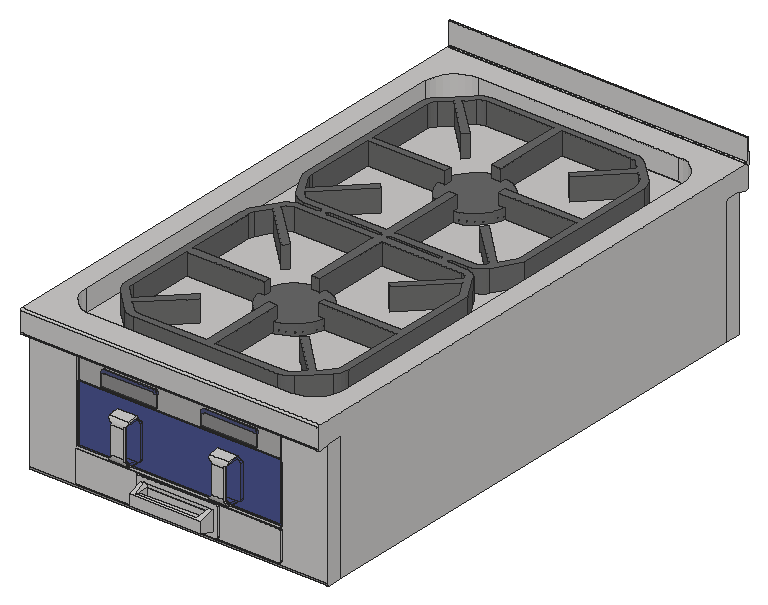
Revit family "QF_ELECTROLUXPROFESSIONAL_593311_MCGHACJOVO", category Specialty Equipment, Revit 2018
Family settings
  Round Connector Dimension = Use Diameter
  Part Type = Normal
  Work Plane-Based = No
  Always vertical = Yes
  Cut with Voids When Loaded = No
  Shared = No
  Room Calculation Point = No
Parameters (values of type "Standard")
  Weight = 82.00 kg
  Watts = 0 W
  Volts = 0 V
  URL Manufacturer = "http://professional.electrolux.com"
  URL = "http://professional.electrolux.com"
  Steam Supply Size = 0"
  Steam Supply Minimum Pressure = 0.00 psi
  Steam Supply Maximum Pressure = 0.00 psi
  Steam Pounds per Hour = 0
  Show Clearance [instance] = yes
  Refrigeration Suction Line Size = 0 mm
  Refrigeration Liquid Line Size = 0 mm
  Refrigerant Compressor Remote = yes
  Phase = 0
  Model = "MCGHACJOVO"
  Manufacturer = "Electrolux Professional"
  Length Actual = 1000 mm  # constant formula
  Item Number = "593311"
  Hot Water Size = 0"
  Height Actual = 250 mm  # constant formula
  HP = "0 HP"
  Gas Size = 1/2"
  Gas KW = 34
  Gas Input Pressure = 3.27142 Btu/h
  Direct Waste Size = 0"
  Description = "GAS TOP,4B,TOWNGAS,2S,1000X900X250H"
  Depth Actual = 900 mm  # constant formula
  Cycle = 0 Hz
  Condensate Return Size = 0"
  Compressed Air Volume = 0 GPM
  Compressed Air Size = 0"
  Compressed Air Pressure = 0.00 psi
  Cold Water Size = 0"
  Back Panel [instance] = yes
  Accessory = yes
Reference planes
  plane 1 "BACK": y = 0
  plane 2: z = 0
  plane 3 "LEFT": x = 0
  plane 4 "RIGHT": x = 500
  plane 5 "FRONT": y = -900
  plane 6 "TOP": z = 250
  plane 7: x = 250
  plane 8: y = -450
  plane 9: z = 370
  plane 10: x = 465
  plane 11: y = -60.425
  plane 12: y = -1330
Forms (mm)
  Extrusion 1, solid, material "QF_Finishes_Stainless Steel"
    sketch origin (0, -487.128, 0) x (0, 1, 0) y (0, 0, 1)
      loop
        line (483.128, 250) -> (-408.872, 250)
        arc (-408.872, 250) -> (-411.7, 248.828) -> (-412.872, 246) r 4
        line (-412.872, 246) -> (-412.872, 214)
        arc (-412.872, 214) -> (-411.437, 210.931) -> (-408.161, 210.064) r 4
        line (-408.161, 210.064) -> (-392.872, 213) -> (-367.872, 213) -> (-367.872, 0) -> (441.714, 0) -> (441.714, 213) -> (465.765, 213) -> (482.433, 210.061)
        arc (482.433, 210.061) -> (485.699, 210.936) -> (487.128, 214) r 4
        line (487.128, 214) -> (487.128, 246)
        arc (487.128, 246) -> (485.956, 248.828) -> (483.128, 250) r 4
    from 0 to 500
  Extrusion 2, solid, material "QF_Finishes_Stainless Steel", visible <- "Back Panel"
    sketch origin (0, 0.586, 0) x (0, 1, 0) y (0, 0, 1)
      loop
        line (-46, 0) -> (-21, 0) -> (-21, 212.833) -> (-21.949, 213) -> (-46, 213) -> (-46, 0)
    from 0 to 500
  Extrusion 3, void
    sketch origin (653.786, 44.048, 250) x (1, 0, 0) y (0, -1, 0)
      loop
        line (-570.234, 89.462) -> (-235.321, 89.462)
        arc (-235.321, 89.462) -> (-200.694, 103.805) -> (-186.351, 138.432) r 48.97
        line (-186.351, 138.432) -> (-186.351, 850.078)
        arc (-186.351, 850.078) -> (-200.694, 884.705) -> (-235.321, 899.048) r 48.97
        line (-235.321, 899.048) -> (-570.234, 899.048)
        arc (-570.234, 899.048) -> (-605.59, 884.403) -> (-620.234, 849.048) r 50
        line (-620.234, 849.048) -> (-620.234, 139.462)
        arc (-620.234, 139.462) -> (-605.59, 104.107) -> (-570.234, 89.462) r 50
    from 0 to 37
  Extrusion 4, solid, material "QF_Finishes_Stainless Steel"
    sketch origin (10, -759, 0) x (1, 0, 0) y (0, -1, 0)
      loop
        circle (455, -169) r 6.35
    from 0 to 3.2
  Extrusion 5, solid, material "QF_Door-Drawer Clearances", visible <- "Show Clearance", detail levels coarse
    sketch origin (-178.969, -4572, 0) x (-1, 0, 0) y (0, -1, 0)
      loop
        line (-257.364, -3689.407) -> (-257.364, -3242) -> (-601.364, -3242) -> (-601.364, -3689.407) -> (-257.364, -3689.407)
    from 8.012 to 59.392
  Extrusion 6, solid, material "QF_Finishes_Stainless Steel"
    sketch origin (0, -950.048, 0) x (0, -1, 0) y (0, 0, -1)
      loop
        arc (-948.097, -252.006) -> (-947.511, -250.592) -> (-946.097, -250.006) r 2
        arc (-946.097, -250.006) -> (-948.877, -248.828) -> (-950.048, -246) r 4
        line (-950.048, -246) -> (-950.048, -288.006) -> (-948.097, -288.006) -> (-948.097, -252.006)
    from 0 to 500
Cuts and joins
  Extrusion 3 cuts Extrusion 1
Lines and regions (mm)
  symbolic lines
    curve 1: line (0, 0, 0) -> (500, 0, 0)
    curve 2: line (0, -900, 0) -> (0, 0, 0)
    curve 3: line (500, -900, 0) -> (0, -900, 0)
    curve 4: line (500, 0, 0) -> (500, -900, 0)
    curve 5: arc (83.552, -855, 0) -> (48.197, -840.355, 0) -> (33.552, -805, 0) r 50
    curve 6: line (33.552, -805, 0) -> (33.552, -95.414, 0)
    curve 7: arc (33.552, -95.414, 0) -> (48.197, -60.059, 0) -> (83.552, -45.414, 0) r 50
    curve 8: line (83.552, -45.414, 0) -> (418.465, -45.414, 0)
    curve 9: arc (418.465, -45.414, 0) -> (453.092, -59.757, 0) -> (467.435, -94.384, 0) r 48.97
    curve 10: line (467.435, -94.384, 0) -> (467.435, -806.03, 0)
    curve 11: arc (467.435, -806.03, 0) -> (453.092, -840.657, 0) -> (418.465, -855, 0) r 48.97
    curve 12: line (418.465, -855, 0) -> (83.552, -855, 0)
  symbolic lines, style "QF_Door-Drawer Clearances"
    curve 13: line (78.395, -900, 0) -> (78.395, -1330, 0)
    curve 14: line (78.395, -1330, 0) -> (422.395, -1330, 0)
    curve 15: line (422.395, -1330, 0) -> (422.395, -900, 0)
Dimensions and locks
  plane 3 "LEFT" to plane 4 "RIGHT" = 500 mm
  plane 5 "FRONT" to plane 1 "BACK" = 900 mm
  equal spacing: plane 3 "LEFT", plane 7, plane 4 "RIGHT"
  equal spacing: plane 5 "FRONT", plane 8, plane 1 "BACK"
  plane 6 "TOP" to level = 250 mm  (x2)
  plane 1 "BACK" to plane 5 "FRONT" = 900 mm
  Extrusion 4 sketch curve to plane 1 "BACK" = 590 mm
  Extrusion 4 sketch curve to plane 4 "RIGHT" = 35 mm
  plane 1 "BACK" to Extrusion 4 = 590 mm
  plane 10 to plane 4 "RIGHT" = 35 mm
  plane 5 "FRONT" to plane 12 = 430 mm
  aligned and locked: level to plane 2
  aligned and locked: plane 7 to nested 1
  aligned and locked: Extrusion 1 to plane 4 "RIGHT"
Automatic sketch dimensions
  Extrusion 1 sketch curve to plane 5 "FRONT" = 0 mm
  Extrusion 1 sketch curve to plane 6 "TOP" = 0 mm
  Extrusion 1 sketch curve to level = 0 mm
  Extrusion 1 sketch curve to plane 1 "BACK" = 0 mm
  Extrusion 1 sketch curve to plane 6 "TOP" = 37 mm  (x2)
  Extrusion 1 sketch curve to plane 5 "FRONT" = 4 mm
  Extrusion 1 sketch curve to plane 5 "FRONT" = 20 mm
  Extrusion 1 sketch curve to plane 5 "FRONT" = 45 mm
  plane 1 "BACK" to Extrusion 1 sketch curve = 21.363 mm
  plane 1 "BACK" to Extrusion 1 sketch curve = 4 mm  (x2)
  Extrusion 1 sketch curve to Extrusion 1 sketch curve = 4 mm
  Extrusion 1 sketch curve to Extrusion 1 sketch curve = 0.711 mm
  plane 1 "BACK" to Extrusion 1 sketch curve = 4.695 mm
  Extrusion 1 sketch curve to Extrusion 1 sketch curve = 0 mm  (x2)
  Extrusion 1 sketch curve to Extrusion 1 sketch curve = 1 mm  (x2)
  plane 1 "BACK" to Extrusion 1 sketch curve = 45.414 mm
  plane 1 "BACK" to curve 1 = 0 mm
  curve 1 to plane 4 "RIGHT" = 0 mm
  curve 2 to plane 3 "LEFT" = 0 mm
  plane 5 "FRONT" to curve 2 = 0 mm
  Extrusion 3 sketch curve to Extrusion 3 sketch curve = 50 mm  (x2)
  Extrusion 1 to Extrusion 3 sketch curve = 81.535 mm  (x2)
  Extrusion 1 to Extrusion 3 sketch curve = 41 mm
  Extrusion 1 to Extrusion 3 sketch curve = 32.565 mm
  Extrusion 1 to Extrusion 3 sketch curve = 33.552 mm
  Extrusion 1 to Extrusion 3 sketch curve = 91.414 mm
  Extrusion 2 sketch curve to level = 0 mm
  plane 11 to Extrusion 2 sketch curve = 15.012 mm
  Extrusion 2 sketch curve to plane 6 "TOP" = 37.167 mm
  Extrusion 2 sketch curve to Extrusion 2 sketch curve = 0.949 mm
  plane 1 "BACK" to Extrusion 2 sketch curve = 20.414 mm
  Extrusion 2 sketch curve to plane 6 "TOP" = 37 mm
  curve 10 to plane 10 = 2.435 mm
  plane 11 to curve 8 = 15.012 mm
  plane 10 to curve 8 = 46.535 mm
  plane 3 "LEFT" to curve 8 = 83.552 mm
  plane 3 "LEFT" to curve 6 = 33.552 mm
  curve 6 to plane 5 "FRONT" = 95 mm
  plane 10 to curve 12 = 46.535 mm
  curve 10 to plane 5 "FRONT" = 93.97 mm
  Extrusion 5 sketch curve to plane 5 "FRONT" = 17.407 mm
  plane 7 to Extrusion 5 sketch curve = 172.395 mm
  plane 3 "LEFT" to Extrusion 5 sketch curve = 78.395 mm
  plane 5 "FRONT" to Extrusion 5 sketch curve = 430 mm
  curve 13 to plane 12 = 0 mm
  plane 3 "LEFT" to curve 13 = 78.395 mm
  plane 10 to curve 14 = 42.605 mm
  curve 13 to plane 5 "FRONT" = 0 mm
  curve 15 to plane 5 "FRONT" = 0 mm
  Extrusion 6 sketch curve to plane 1 "BACK" = 0 mm  (x2)
  Extrusion 6 sketch curve to plane 6 "TOP" = 2.006 mm
  Extrusion 6 sketch curve to plane 6 "TOP" = 0 mm
  Extrusion 6 sketch curve to Extrusion 6 sketch curve = 1.951 mm
  Extrusion 6 sketch curve to Extrusion 6 sketch curve = 2 mm
  Extrusion 6 sketch curve to Extrusion 6 sketch curve = 0.049 mm
  Extrusion 6 sketch curve to Extrusion 6 sketch curve = 36 mm
  Extrusion 6 sketch curve to Extrusion 6 sketch curve = 0 mm
  radius of Extrusion 4 sketch curve = 6.35 mm
Nested families
  nested 1: "EG_900_500_Double Range Control Handle Front Panel" at (202.376, -855, -650), type "EG_900_500_Double Range Control Handle Front Panel"
  nested 2: "OBT_900_Open Burner" at (250, -450.207, -649.319), type "OBT_900_Open Burner"
Connectors
  piping at (465, -590, -3.2), diameter 12.8
    settings: on Extrusion 4, index 1, connector inside diameter 0.50394", connector length 0 mm, flow factor 0, pipe flow 0 GPM, pressure drop 0.00 psi, fitting loss kfactor 0, connector angle 0.00°, fixture units 0, engagement length 0 mm, angle of deflection 0.00°, flow configuration 1, flow direction 1, fitting loss method 0, system type 7, joint type 0, gender type 0, connector reference index -1, connector utility 0, adjustable connector no, is connector primary yes, connector description "GAS CONNECTION"
Definition of nested family "EG_900_500_Double Range Control Handle Front Panel"
  Reference planes
    plane 1 "Center (Front/Back)": y = 0
    plane 2: z = 0
    plane 3 "Center (Left/Right)": x = 47.624
    plane 4: x = -202.376
    plane 5: x = 297.624
    plane 6: y = -45
  Forms (mm)
    Extrusion 1, solid
      sketch origin (833.217, 829.203, -1.25) x (0, 1, 0) y (0, 0, 1)
        loop
          arc (-854.203, 654.25) -> (-853.324, 652.129) -> (-851.203, 651.25) r 3
          line (-851.203, 651.25) -> (-829.203, 651.25) -> (-829.203, 864.25) -> (-854.203, 864.25) -> (-854.203, 654.25)
      from -1035.593 to -535.593
    Extrusion 2, void
      sketch origin (33.217, 829.203, -1.25) x (1, 0, 0) y (0, 0, 1)
        loop
          line (-157.593, 855.116) -> (-157.593, 713.116) -> (186.407, 713.116) -> (186.407, 855.116) -> (-157.593, 855.116)
      from 848.59 to 854.203
  Cuts and joins
    Extrusion 2 cuts Extrusion 1
  Dimensions and locks
    equal spacing: plane 5, plane 3 "Center (Left/Right)", plane 4
    plane 5 to plane 4 = 500 mm
    equal spacing: nested 3, nested 2, nested 1
    aligned and locked: cut or joined group of Extrusion 1, Extrusion 2 to plane 4
    aligned and locked: plane 5 to cut or joined group of Extrusion 1, Extrusion 2
    aligned and locked: plane 3 "Center (Left/Right)" to nested 2
    aligned and locked: cut or joined group of Extrusion 1, Extrusion 2 to nested 2
  Automatic sketch dimensions
    Extrusion 1 sketch curve to plane 1 "Center (Front/Back)" = 0 mm
    plane 1 "Center (Front/Back)" to Extrusion 1 sketch curve = 22 mm
    Extrusion 1 sketch curve to Extrusion 1 sketch curve = 3 mm
    level to Extrusion 1 sketch curve = 650 mm
    Extrusion 1 sketch curve to Extrusion 1 sketch curve = 210 mm
    plane 4 to Extrusion 2 sketch curve = 78 mm
    Extrusion 2 sketch curve to plane 5 = 78 mm
    level to Extrusion 2 sketch curve = 711.866 mm
    Extrusion 2 sketch curve to Extrusion 2 sketch curve = 142 mm
  Nested families
    nested 1: "Range Control Handle" at (-36.126, -28.137, -209.113) x (-1, 0, 0) z (0, 0, 1), type "Range Control Handle"
    nested 2: "glass conrol panel" at (47.624, 280.644, 2.752), type "glass conrol panel"
    nested 3: "Range Control Handle" at (131.374, -28.137, -209.113), type "Range Control Handle"
    nested 4: "grease trap door" at (-19.975, -25, 0), type "grease trap door"
  Definition of nested family "Range Control Handle"
    Reference planes
      plane 1 "Center (Front/Back)": y = 0
      plane 2: z = 0
      plane 3 "Center (Left/Right)": x = 0
      plane 4: z = 971.092
      plane 5: y = -16.9
    Forms (mm)
      Extrusion 1, solid
        sketch origin (-746.28, 380.497, 208.931) x (-1, 0, 0) y (0, 0, 1)
          loop
            line (-770.101, 786.798) -> (-770.101, 731.649)
            arc (-770.101, 731.649) -> (-769.759, 730.563) -> (-768.855, 729.87) r 1.893
            line (-768.855, 729.87) -> (-763.474, 727.911) -> (-729.81, 727.911) -> (-724.428, 729.87)
            arc (-724.428, 729.87) -> (-723.525, 730.563) -> (-723.183, 731.649) r 1.893
            line (-723.183, 731.649) -> (-723.183, 786.798)
            arc (-723.183, 786.798) -> (-723.529, 787.894) -> (-724.44, 788.593) r 1.91
            line (-724.44, 788.593) -> (-729.683, 790.819) -> (-763.601, 790.819) -> (-768.844, 788.593)
            arc (-768.844, 788.593) -> (-769.755, 787.894) -> (-770.101, 786.798) r 1.91
        from -382.35 to -378.852
      Sweep 2, solid
        path origin (-746.788, 380.496, 208.091) x (0, -1, 0) y (0, 0, 1)
          loop
            line (379.775, 793.281) -> (395.661, 791.048)
            arc (395.661, 791.048) -> (397.781, 787.377) -> (398.517, 783.202) r 12.207
            line (398.517, 783.202) -> (398.517, 737.368)
            arc (398.517, 737.368) -> (397.781, 733.193) -> (395.661, 729.522) r 12.207
            line (395.661, 729.522) -> (379.775, 727.289)
        profile origin (-746.788, -7.222, 1000.256) x (0, -0.139173, 0.990268) y (-1, 0, 0)
          loop
            line (0.782, -763.123) -> (0.782, -730.907) -> (-1.322, -730.907) -> (-1.322, -763.123) -> (0.782, -763.123)
      Sweep 3, solid
        path origin (-746.788, 380.715, 207.832) x (0, -1, 0) y (0, 0, 1)
          loop
            line (380.478, 795.442) -> (397.218, 793.09)
            arc (397.218, 793.09) -> (399.929, 788.473) -> (400.871, 783.202) r 15.207
            line (400.871, 783.202) -> (400.871, 737.584)
            arc (400.871, 737.584) -> (399.914, 732.274) -> (397.164, 727.633) r 15.207
            line (397.164, 727.633) -> (380.601, 725.305)
        profile origin (-746.788, -8.132, 1002.099) x (0, -0.139173, 0.990268) y (-1, 0, 0)
          loop
            line (0.782, -763.123) -> (0.782, -730.907) -> (-1.322, -730.907) -> (-1.322, -763.123) -> (0.782, -763.123)
      Extrusion 4, void
        sketch origin (889.253, 220.666, 207.993) x (1, 0, 0) y (0, 0, 1)
          loop
            line (-943.038, 816.854) -> (-943.038, 703.686) -> (-899.466, 734.196) -> (-899.466, 786.344) -> (-943.038, 816.854)
        from 230.636 to 242.25
      Extrusion 5, void
        sketch origin (-888.8, 220.666, 207.993) x (-1, 0, 0) y (0, 0, -1)
          loop
            line (-943.038, -816.854) -> (-899.466, -786.344) -> (-899.466, -734.196) -> (-943.038, -703.686) -> (-943.038, -816.854)
        from 230.636 to 242.25
      Extrusion 6, solid
        sketch origin (0, 0, 0) x (1, 0, 0) y (0, 0, 1)
          loop
            circle (0, 971.092) r 7.736
        from -3.137 to -1.645
    Cuts and joins
      Extrusion 4, Extrusion 5 cuts Sweep 3
      Extrusion 4, Extrusion 5 cuts Sweep 2
      joined: Extrusion 1, Extrusion 6
    Lines and regions (mm)
      symbolic lines
        curve 1: line (16.334, -16.9, 0) -> (16.334, -19.227, 0)
        curve 2: spline (16.334, -19.227, 0) -> (15.87, -19.385, 0) -> (15.404, -19.536, 0) -> (14.936, -19.678, 0) -> (14.466, -19.813, 0) -> (13.995, -19.94, 0) -> (13.523, -20.059, 0) -> (13.049, -20.171, 0) -> (12.575, -20.274, 0) -> (12.099, -20.37, 0) -> (11.622, -20.458, 0) -> (11.144, -20.537, 0) -> (10.666, -20.609, 0)
        curve 3: line (10.666, -16.9, 0) -> (10.666, -20.938, 0)
        curve 4: line (-10.213, -20.938, 0) -> (10.666, -20.938, 0)
        curve 5: line (-10.213, -20.938, 0) -> (-10.213, -16.9, 0)
        curve 6: spline (-10.213, -20.609, 0) -> (-10.691, -20.537, 0) -> (-11.169, -20.458, 0) -> (-11.646, -20.37, 0) -> (-12.122, -20.274, 0) -> (-12.597, -20.171, 0) -> (-13.07, -20.059, 0) -> (-13.542, -19.94, 0) -> (-14.013, -19.813, 0) -> (-14.483, -19.678, 0) -> (-14.951, -19.536, 0) -> (-15.417, -19.385, 0) -> (-15.881, -19.227, 0)
        curve 7: line (-15.881, -19.227, 0) -> (-15.881, -16.9, 0)
  Definition of nested family "glass conrol panel"
    Reference planes
      plane 1 "Center (Front/Back)": y = 0
      plane 2: z = 0
      plane 3 "Center (Left/Right)": x = 0
    Forms (mm)
      Extrusion 1, solid
        sketch origin (378.286, 0, 0.617) x (1, 0, 0) y (0, 0, 1)
          loop
            line (-550.286, 806.791) -> (-550.286, 708.497) -> (-206.286, 708.497) -> (-206.286, 806.791) -> (-550.286, 806.791)
        from 300.031 to 304.8
      Extrusion 2, solid
        sketch origin (378.286, 0, 0.617) x (1, 0, 0) y (0, 0, 1)
          loop
            line (-550.286, 850.497) -> (-550.286, 806.791) -> (-206.286, 806.791) -> (-206.286, 850.497) -> (-550.286, 850.497)
        from 300.031 to 304.8
      Extrusion 3, void
        sketch origin (378.286, 0, 0.617) x (1, 0, 0) y (0, 0, 1)
          loop
            line (-547.628, 847.565) -> (-547.628, 710.699) -> (-209.196, 710.699) -> (-209.196, 847.565) -> (-547.628, 847.565)
        from 303.697 to 304.8
      Extrusion 4, solid
        sketch origin (-392.059, 1.101, -0.633) x (-1, 0, 0) y (0, 0, -1)
          loop
            line (-261.431, -812.62) -> (-355.186, -812.62) -> (-355.186, -834.177) -> (-350.269, -834.177) -> (-348.469, -835.977) -> (-268.039, -835.977) -> (-266.24, -834.177) -> (-261.431, -834.177) -> (-261.431, -812.62)
        from 304.798 to 306.745
      Extrusion 5, solid
        sketch origin (-392.059, 1.101, -0.633) x (-1, 0, 0) y (0, 0, -1)
          loop
            line (-350.269, -834.177) -> (-355.078, -834.177)
            arc (-355.078, -834.177) -> (-353.942, -838.747) -> (-349.686, -840.763) r 5.5
            line (-349.686, -840.763) -> (-266.98, -840.763)
            arc (-266.98, -840.763) -> (-262.706, -838.752) -> (-261.529, -834.177) r 5.549
            line (-261.529, -834.177) -> (-266.24, -834.177) -> (-268.039, -835.977) -> (-348.469, -835.977) -> (-350.269, -834.177)
        from 304.798 to 306.745
      Extrusion 6, solid
        sketch origin (392.059, 1.101, -0.633) x (1, 0, 0) y (0, 0, 1)
          loop
            line (-261.431, 812.62) -> (-261.431, 834.177) -> (-266.24, 834.177) -> (-268.039, 835.977) -> (-348.469, 835.977) -> (-350.269, 834.177) -> (-355.186, 834.177) -> (-355.186, 812.62) -> (-261.431, 812.62)
        from 304.798 to 306.745
      Extrusion 7, solid
        sketch origin (392.059, 1.101, -0.633) x (1, 0, 0) y (0, 0, 1)
          loop
            line (-350.269, 834.177) -> (-348.469, 835.977) -> (-268.039, 835.977) -> (-266.24, 834.177) -> (-261.529, 834.177)
            arc (-261.529, 834.177) -> (-262.706, 838.752) -> (-266.98, 840.763) r 5.549
            line (-266.98, 840.763) -> (-349.686, 840.763)
            arc (-349.686, 840.763) -> (-353.942, 838.747) -> (-355.078, 834.177) r 5.5
            line (-355.078, 834.177) -> (-350.269, 834.177)
        from 304.798 to 306.745
    Cuts and joins
      Extrusion 3 cuts Extrusion 1
      Extrusion 3 cuts Extrusion 2
    Dimensions and locks
      aligned and locked: Extrusion 1 to Extrusion 2
      aligned and locked: Extrusion 5 sketch curve to Extrusion 4  (x5)
      aligned and locked: Extrusion 5 to Extrusion 4
      aligned and locked: Extrusion 7 sketch curve to Extrusion 6  (x4)
      aligned and locked: Extrusion 6 to Extrusion 7 sketch curve
      aligned and locked: Extrusion 7 to Extrusion 6
  Definition of nested family "grease trap door"
    Reference planes
      plane 1 "Center (Front/Back)": y = 0
      plane 2: z = 0
      plane 3 "Center (Left/Right)": x = 0
      plane 4: y = -20
    Forms (mm)
      Extrusion 1, solid
        sketch origin (1627.55, 854.203, -1.25) x (1, 0, 0) y (0, 0, 1)
          loop
            arc (-1627.55, 661.235) -> (-1626.972, 659.84) -> (-1625.577, 659.262) r 1.973
            line (-1625.577, 659.262) -> (-1494.325, 659.262)
            arc (-1494.325, 659.262) -> (-1492.156, 660.16) -> (-1491.258, 662.329) r 3.067
            line (-1491.258, 662.329) -> (-1491.258, 708.803)
            arc (-1491.258, 708.803) -> (-1492.414, 710.143) -> (-1494.111, 710.642) r 3.133
            line (-1494.111, 710.642) -> (-1625.486, 710.642)
            arc (-1625.486, 710.642) -> (-1626.945, 710.038) -> (-1627.55, 708.579) r 2.063
            line (-1627.55, 708.579) -> (-1627.55, 661.235)
        from 856.795 to 859.203
      Extrusion 2, solid
        sketch origin (445.874, 2476.61, 0) x (0, 1, 0) y (0, 0, 1)
          loop
            line (-2506.377, 675.273) -> (-2481.61, 667.505) -> (-2481.61, 700.995) -> (-2506.377, 693.227) -> (-2506.377, 675.273)
        from -437.68 to -317.68
      Extrusion 3, void
        sketch origin (1627.55, 854.203, -1.25) x (1, 0, 0) y (0, 0, 1)
          loop
            line (-1614.883, 703) -> (-1610.542, 695.433) -> (-1508.17, 695.433) -> (-1503.828, 703) -> (-1614.883, 703)
          loop
            line (-1614.883, 668) -> (-1502.669, 668) -> (-1507.01, 675.567) -> (-1610.542, 675.567) -> (-1614.883, 668)
        from 832.916 to 883.97
      Extrusion 4, void
        sketch origin (447.55, 854.203, -1.25) x (1, 0, 0) y (0, 0, 1)
          loop
            line (-430.542, 695.433) -> (-430.542, 675.567) -> (-328.17, 675.567) -> (-328.17, 695.433) -> (-430.542, 695.433)
        from 859.203 to 874.202
      Extrusion 5, solid
        sketch origin (1627.55, 854.203, -1.25) x (1, 0, 0) y (0, 0, 1)
          loop
            arc (-1731.556, 661.235) -> (-1730.978, 659.84) -> (-1729.583, 659.262) r 1.973
            line (-1729.583, 659.262) -> (-1390.623, 659.262)
            arc (-1390.623, 659.262) -> (-1388.454, 660.16) -> (-1387.556, 662.329) r 3.067
            line (-1387.556, 662.329) -> (-1387.556, 708.803)
            arc (-1387.556, 708.803) -> (-1388.712, 710.143) -> (-1390.409, 710.642) r 3.133
            line (-1390.409, 710.642) -> (-1729.493, 710.642)
            arc (-1729.493, 710.642) -> (-1730.952, 710.038) -> (-1731.556, 708.579) r 2.063
            line (-1731.556, 708.579) -> (-1731.556, 661.235)
        from 854.203 to 856.795
    Cuts and joins
      Extrusion 3 cuts Extrusion 1
      Extrusion 3, Extrusion 4 cuts Extrusion 2
      joined: Extrusion 1, Extrusion 2
    Lines and regions (mm)
      model lines
        curve 1: line (67.599, 0, 658.012) -> (67.599, 0, 709.392)
      symbolic lines
        curve 2: line (8.194, -20, 0) -> (8.194, -29.767, 0)
        curve 3: line (8.194, -29.767, 0) -> (128.194, -29.767, 0)
        curve 4: line (128.194, -29.767, 0) -> (128.194, -20, 0)
    Dimensions and locks
      aligned and locked: Extrusion 2 to Extrusion 1
      aligned and locked: Extrusion 3 to Extrusion 2
      aligned and locked: Extrusion 4 to Extrusion 1
Definition of nested family "OBT_900_Open Burner"
  Reference planes
    plane 1 "Center (Front/Back)": y = 0
    plane 2: z = 0
    plane 3 "Center (Left/Right)": x = 0
    plane 4: x = -186.448
    plane 5: x = 187.435
    plane 6: y = 374.793
    plane 7: y = -374.793
    plane 8: y = -188.326
  Forms (mm)
    Extrusion 1, solid
      sketch origin (2130.573, 56.896, -679.622) x (1, 0, 0) y (0, 1, 0)
        loop
          line (-2137.44, 306.49) -> (-2250.793, 306.49)
          arc (-2250.793, 306.49) -> (-2257.908, 305.075) -> (-2263.94, 301.044) r 18.593
          line (-2263.94, 301.044) -> (-2276.233, 288.751) -> (-2213.48, 225.998) -> (-2221.6, 217.877) -> (-2284.354, 280.631) -> (-2300.33, 264.654)
          arc (-2300.33, 264.654) -> (-2304.433, 258.337) -> (-2305.614, 250.897) r 18.125
          line (-2305.614, 250.897) -> (-2305.614, 138.422) -> (-2175.79, 138.422) -> (-2175.79, 126.938) -> (-2305.614, 126.938) -> (-2305.614, 10.897)
          arc (-2305.614, 10.897) -> (-2304.981, 6.085) -> (-2303.123, 1.601) r 18.593
          line (-2303.123, 1.601) -> (-2290.078, -20.994) -> (-2221.6, 47.483) -> (-2213.48, 39.363) -> (-2284.012, -31.169)
          arc (-2284.012, -31.169) -> (-2278.546, -38.527) -> (-2270.23, -42.379) r 18.593
          line (-2270.23, -42.379) -> (-2137.44, -42.379) -> (-2137.44, 87.464) -> (-2123.707, 87.464) -> (-2123.707, -42.379) -> (-1989.813, -42.379)
          arc (-1989.813, -42.379) -> (-1981.496, -38.527) -> (-1976.031, -31.169) r 18.593
          line (-1976.031, -31.169) -> (-2047.115, 39.915) -> (-2038.994, 48.035) -> (-1969.962, -20.997) -> (-1954.428, 5.916) -> (-1954.428, 126.938) -> (-2085.357, 126.938) -> (-2085.357, 138.422) -> (-1954.428, 138.422) -> (-1954.428, 247.888)
          arc (-1954.428, 247.888) -> (-1956.538, 258.496) -> (-1962.547, 267.489) r 27.72
          line (-1962.547, 267.489) -> (-1975.689, 280.631) -> (-2038.994, 217.325) -> (-2047.115, 225.446) -> (-1983.809, 288.751) -> (-1996.102, 301.044)
          arc (-1996.102, 301.044) -> (-2002.134, 305.075) -> (-2009.25, 306.49) r 18.593
          line (-2009.25, 306.49) -> (-2123.707, 306.49) -> (-2123.707, 177.897) -> (-2137.44, 177.897) -> (-2137.44, 306.49)
        loop
          arc (-2317.021, 10.897) -> (-2315.999, 3.132) -> (-2313.002, -4.103) r 30
          line (-2313.002, -4.103) -> (-2292.795, -39.103)
          arc (-2292.795, -39.103) -> (-2281.814, -50.084) -> (-2266.814, -54.103) r 30
          line (-2266.814, -54.103) -> (-2239.287, -54.103)
          arc (-2239.287, -54.103) -> (-2238.243, -56) -> (-2236.272, -56.896) r 3.438
          arc (-2236.272, -56.896) -> (-2238.243, -57.792) -> (-2239.287, -59.689) r 3.438
          line (-2239.287, -59.689) -> (-2266.814, -59.689)
          arc (-2266.814, -59.689) -> (-2281.814, -63.708) -> (-2292.795, -74.689) r 30
          line (-2292.795, -74.689) -> (-2313.002, -109.689)
          arc (-2313.002, -109.689) -> (-2315.999, -116.924) -> (-2317.021, -124.689) r 30
          line (-2317.021, -124.689) -> (-2317.021, -365.461)
          arc (-2317.021, -365.461) -> (-2314.738, -376.941) -> (-2308.234, -386.674) r 30
          line (-2308.234, -386.674) -> (-2271.975, -422.933)
          arc (-2271.975, -422.933) -> (-2262.253, -429.414) -> (-2250.793, -431.689) r 30
          line (-2250.793, -431.689) -> (-2009.25, -431.689)
          arc (-2009.25, -431.689) -> (-1997.786, -429.412) -> (-1988.062, -422.928) r 30
          line (-1988.062, -422.928) -> (-1951.808, -386.674)
          arc (-1951.808, -386.674) -> (-1945.305, -376.941) -> (-1942.982, -365.461) r 30
          line (-1942.982, -365.461) -> (-1942.982, -116.719) -> (-1967.248, -74.689)
          arc (-1967.248, -74.689) -> (-1978.229, -63.708) -> (-1993.229, -59.689) r 30
          line (-1993.229, -59.689) -> (-2020.319, -59.689)
          arc (-2020.319, -59.689) -> (-2021.979, -57.759) -> (-2024.375, -56.896) r 5
          arc (-2024.375, -56.896) -> (-2021.979, -56.033) -> (-2020.319, -54.103) r 5
          line (-2020.319, -54.103) -> (-1993.229, -54.103)
          arc (-1993.229, -54.103) -> (-1978.229, -50.084) -> (-1967.248, -39.103) r 30
          line (-1967.248, -39.103) -> (-1943.138, 2.656) -> (-1943.138, 254.314)
          arc (-1943.138, 254.314) -> (-1945.839, 264.361) -> (-1951.808, 272.882) r 30
          line (-1951.808, 272.882) -> (-1988.062, 309.136)
          arc (-1988.062, 309.136) -> (-1997.786, 315.62) -> (-2009.25, 317.897) r 30
          line (-2009.25, 317.897) -> (-2250.793, 317.897)
          arc (-2250.793, 317.897) -> (-2262.253, 315.622) -> (-2271.975, 309.141) r 30
          line (-2271.975, 309.141) -> (-2308.234, 272.882)
          arc (-2308.234, 272.882) -> (-2314.738, 263.149) -> (-2317.021, 251.669) r 30
          line (-2317.021, 251.669) -> (-2317.021, 10.897)
        loop
          arc (-2122.397, -54.103) -> (-2124.057, -56.033) -> (-2126.452, -56.896) r 5
          arc (-2126.452, -56.896) -> (-2124.057, -57.759) -> (-2122.397, -59.689) r 5
          line (-2122.397, -59.689) -> (-2035.829, -59.689)
          arc (-2035.829, -59.689) -> (-2034.784, -57.792) -> (-2032.813, -56.896) r 3.438
          arc (-2032.813, -56.896) -> (-2034.784, -56) -> (-2035.829, -54.103) r 3.438
          line (-2035.829, -54.103) -> (-2122.397, -54.103)
        loop
          arc (-2223.778, -54.103) -> (-2225.438, -56.033) -> (-2227.833, -56.896) r 5
          arc (-2227.833, -56.896) -> (-2225.438, -57.759) -> (-2223.778, -59.689) r 5
          line (-2223.778, -59.689) -> (-2137.906, -59.689)
          arc (-2137.906, -59.689) -> (-2136.862, -57.792) -> (-2134.891, -56.896) r 3.438
          arc (-2134.891, -56.896) -> (-2136.862, -56) -> (-2137.906, -54.103) r 3.438
          line (-2137.906, -54.103) -> (-2223.778, -54.103)
        loop
          line (-2137.44, -420.282) -> (-2137.44, -290.439) -> (-2123.707, -290.439) -> (-2123.707, -420.282) -> (-2009.25, -420.282)
          arc (-2009.25, -420.282) -> (-2002.134, -418.867) -> (-1996.102, -414.836) r 18.593
          line (-1996.102, -414.836) -> (-1983.184, -401.918) -> (-2047.115, -337.988) -> (-2038.994, -329.867) -> (-1975.064, -393.798) -> (-1962.547, -381.281)
          arc (-1962.547, -381.281) -> (-1956.538, -372.288) -> (-1954.428, -361.68) r 27.72
          line (-1954.428, -361.68) -> (-1954.428, -250.964) -> (-2085.357, -250.964) -> (-2085.357, -239.48) -> (-1954.428, -239.48) -> (-1954.428, -119.708) -> (-1970.42, -92.003) -> (-2038.994, -160.577) -> (-2047.115, -152.457) -> (-1976.413, -81.755)
          arc (-1976.413, -81.755) -> (-1981.868, -74.971) -> (-1989.813, -71.413) r 18.593
          line (-1989.813, -71.413) -> (-2123.707, -71.413) -> (-2123.707, -200.006) -> (-2137.44, -200.006) -> (-2137.44, -71.413) -> (-2270.23, -71.413)
          arc (-2270.23, -71.413) -> (-2278.175, -74.971) -> (-2283.629, -81.755) r 18.593
          line (-2283.629, -81.755) -> (-2213.48, -151.905) -> (-2221.6, -160.025) -> (-2289.62, -92.005) -> (-2303.123, -115.393)
          arc (-2303.123, -115.393) -> (-2304.981, -119.877) -> (-2305.614, -124.689) r 18.593
          line (-2305.614, -124.689) -> (-2305.614, -239.48) -> (-2175.79, -239.48) -> (-2175.79, -250.964) -> (-2305.614, -250.964) -> (-2305.614, -364.689)
          arc (-2305.614, -364.689) -> (-2304.433, -372.129) -> (-2300.33, -378.446) r 18.125
          line (-2300.33, -378.446) -> (-2284.979, -393.798) -> (-2221.6, -330.419) -> (-2213.48, -338.54) -> (-2276.858, -401.918) -> (-2263.94, -414.836)
          arc (-2263.94, -414.836) -> (-2257.908, -418.867) -> (-2250.793, -420.282) r 18.593
          line (-2250.793, -420.282) -> (-2137.44, -420.282)
      from 1542.072 to 1578.941
    Extrusion 2, solid
      sketch origin (2130.573, 61.122, 0) x (1, 0, 0) y (0, 1, 0)
        loop
          circle (-2130.573, -249.448) r 55
        loop
          circle (-2130.573, 128.455) r 55
      from 862.45 to 879.837
    Extrusion 3, void
      sketch origin (-124.371, -355.785, -22.784) x (-0.587785, -0.809017, 0) y (0, 0, 1)
        loop
          circle (-213.495, 891.283) r 1
      from -67.69 to -35.114
    Extrusion 4, void
      sketch origin (-89.903, -376.417, -22.784) x (-0.422618, -0.906308, 0) y (0, 0, 1)
        loop
          circle (-213.495, 891.283) r 1
      from -74.826 to -35.114
    Extrusion 5, void
      sketch origin (-52.131, -390.093, -22.784) x (-0.241922, -0.970296, 0) y (0, 0, 1)
        loop
          circle (-213.495, 891.283) r 1
      from -67.69 to -35.114
    Extrusion 6, void
      sketch origin (27.702, -394.842, -22.784) x (0.139173, -0.990268, 0) y (0, 0, 1)
        loop
          circle (-213.495, 891.283) r 1
      from -67.69 to -35.114
    Extrusion 7, void
      sketch origin (66.829, -385.74, -22.784) x (0.325568, -0.945519, 0) y (0, 0, 1)
        loop
          circle (-213.495, 891.283) r 1
      from -67.69 to -35.114
    Extrusion 8, void
      sketch origin (103.5, -369.339, -22.784) x (0.5, -0.866025, 0) y (0, 0, 1)
        loop
          circle (-213.495, 891.283) r 1
      from -67.69 to -35.114
    Extrusion 9, void
      sketch origin (136.368, -346.242, -22.784) x (0.656059, -0.75471, 0) y (0, 0, 1)
        loop
          circle (-213.495, 891.283) r 1
      from -67.69 to -35.114
    Extrusion 10, void
      sketch origin (164.225, -317.298, -22.784) x (0.788011, -0.615661, 0) y (0, 0, 1)
        loop
          circle (-213.495, 891.283) r 1
      from -67.69 to -35.114
    Extrusion 11, void
      sketch origin (186.048, -283.571, -22.784) x (0.891007, -0.45399, 0) y (0, 0, 1)
        loop
          circle (-213.495, 891.283) r 1
      from -67.69 to -35.114
    Extrusion 12, void
      sketch origin (201.034, -246.299, -22.784) x (0.961262, -0.275637, 0) y (0, 0, 1)
        loop
          circle (-213.495, 891.283) r 1
      from -67.69 to -35.114
    Extrusion 13, void
      sketch origin (208.566, -166.681, -22.784) x (0.994522, 0.104528, 0) y (0, 0, 1)
        loop
          circle (-213.495, 891.283) r 1
      from -67.69 to -35.114
    Extrusion 14, void
      sketch origin (200.835, -127.26, -22.784) x (0.956305, 0.292372, 0) y (0, 0, 1)
        loop
          circle (-213.495, 891.283) r 1
      from -67.69 to -35.114
    Extrusion 15, void
      sketch origin (185.724, -90.039, -22.784) x (0.882948, 0.469472, 0) y (0, 0, 1)
        loop
          circle (-213.495, 891.283) r 1
      from -67.69 to -35.114
    Extrusion 16, void
      sketch origin (163.788, -56.385, -22.784) x (0.777146, 0.62932, 0) y (0, 0, 1)
        loop
          circle (-213.495, 891.283) r 1
      from -67.69 to -35.114
    Extrusion 17, void
      sketch origin (135.834, -27.534, -22.784) x (0.642788, 0.766044, 0) y (0, 0, 1)
        loop
          circle (-213.495, 891.283) r 1
      from -67.69 to -35.114
    Extrusion 18, void
      sketch origin (102.889, -4.548, -22.784) x (0.48481, 0.87462, 0) y (0, 0, 1)
        loop
          circle (-213.495, 891.283) r 1
      from -67.69 to -35.114
    Extrusion 19, void
      sketch origin (66.163, 11.73, -22.784) x (0.309017, 0.951057, 0) y (0, 0, 1)
        loop
          circle (-213.495, 891.283) r 1
      from -67.69 to -35.114
    Extrusion 20, void
      sketch origin (-52.811, 15.685, -22.784) x (-0.258819, 0.965926, 0) y (0, 0, 1)
        loop
          circle (-213.495, 891.283) r 1
      from -67.69 to -35.114
    Extrusion 21, void
      sketch origin (-90.537, 1.882, -22.784) x (-0.438371, 0.898794, 0) y (0, 0, 1)
        loop
          circle (-213.495, 891.283) r 1
      from -67.69 to -35.114
    Extrusion 22, void
      sketch origin (-124.936, -18.865, -22.784) x (-0.601815, 0.798636, 0) y (0, 0, 1)
        loop
          circle (-213.495, 891.283) r 1
      from -67.69 to -35.114
    Extrusion 23, void
      sketch origin (-154.744, -45.796, -22.784) x (-0.743145, 0.669131, 0) y (0, 0, 1)
        loop
          circle (-213.495, 891.283) r 1
      from -67.69 to -35.114
    Extrusion 24, void
      sketch origin (-178.866, -77.919, -22.784) x (-0.857167, 0.515038, 0) y (0, 0, 1)
        loop
          circle (-213.495, 891.283) r 1
      from -67.69 to -35.114
    Extrusion 25, void
      sketch origin (-196.416, -114.054, -22.784) x (-0.939693, 0.34202, 0) y (0, 0, 1)
        loop
          circle (-213.495, 891.283) r 1
      from -67.69 to -35.114
    Extrusion 26, void
      sketch origin (-204.521, -232.817, -22.784) x (-0.97437, -0.224951, 0) y (0, 0, 1)
        loop
          circle (-213.495, 891.283) r 1
      from -67.69 to -35.114
    Extrusion 27, void
      sketch origin (-192.043, -271.002, -22.784) x (-0.913545, -0.406737, 0) y (0, 0, 1)
        loop
          circle (-213.495, 891.283) r 1
      from -67.69 to -35.114
    Extrusion 28, void
      sketch origin (-172.509, -306.104, -22.784) x (-0.819152, -0.573576, 0) y (0, 0, 1)
        loop
          circle (-213.495, 891.283) r 1
      from -67.69 to -35.114
    Extrusion 29, void
      sketch origin (-146.635, -336.834, -22.784) x (-0.694658, -0.71934, 0) y (0, 0, 1)
        loop
          circle (-213.495, 891.283) r 1
      from -67.69 to -35.114
    Extrusion 30, void
      sketch origin (-124.371, 22.118, -22.784) x (-0.587785, -0.809017, 0) y (0, 0, 1)
        loop
          circle (-213.495, 891.283) r 1
      from -67.69 to -35.114
    Extrusion 31, void
      sketch origin (-89.903, 1.485, -22.784) x (-0.422618, -0.906308, 0) y (0, 0, 1)
        loop
          circle (-213.495, 891.283) r 1
      from -74.826 to -35.114
    Extrusion 32, void
      sketch origin (-52.131, -12.191, -22.784) x (-0.241922, -0.970296, 0) y (0, 0, 1)
        loop
          circle (-213.495, 891.283) r 1
      from -67.69 to -35.114
    Extrusion 33, void
      sketch origin (27.702, -16.939, -22.784) x (0.139173, -0.990268, 0) y (0, 0, 1)
        loop
          circle (-213.495, 891.283) r 1
      from -67.69 to -35.114
    Extrusion 34, void
      sketch origin (66.829, -7.837, -22.784) x (0.325568, -0.945519, 0) y (0, 0, 1)
        loop
          circle (-213.495, 891.283) r 1
      from -67.69 to -35.114
    Extrusion 35, void
      sketch origin (103.5, 8.564, -22.784) x (0.5, -0.866025, 0) y (0, 0, 1)
        loop
          circle (-213.495, 891.283) r 1
      from -67.69 to -35.114
    Extrusion 36, void
      sketch origin (136.368, 31.66, -22.784) x (0.656059, -0.75471, 0) y (0, 0, 1)
        loop
          circle (-213.495, 891.283) r 1
      from -67.69 to -35.114
    Extrusion 37, void
      sketch origin (164.225, 60.604, -22.784) x (0.788011, -0.615661, 0) y (0, 0, 1)
        loop
          circle (-213.495, 891.283) r 1
      from -67.69 to -35.114
    Extrusion 38, void
      sketch origin (186.048, 94.332, -22.784) x (0.891007, -0.45399, 0) y (0, 0, 1)
        loop
          circle (-213.495, 891.283) r 1
      from -67.69 to -35.114
    Extrusion 39, void
      sketch origin (201.034, 131.603, -22.784) x (0.961262, -0.275637, 0) y (0, 0, 1)
        loop
          circle (-213.495, 891.283) r 1
      from -67.69 to -35.114
    Extrusion 40, void
      sketch origin (208.566, 211.222, -22.784) x (0.994522, 0.104528, 0) y (0, 0, 1)
        loop
          circle (-213.495, 891.283) r 1
      from -67.69 to -35.114
    Extrusion 41, void
      sketch origin (200.835, 250.642, -22.784) x (0.956305, 0.292372, 0) y (0, 0, 1)
        loop
          circle (-213.495, 891.283) r 1
      from -67.69 to -35.114
    Extrusion 42, void
      sketch origin (185.724, 287.864, -22.784) x (0.882948, 0.469472, 0) y (0, 0, 1)
        loop
          circle (-213.495, 891.283) r 1
      from -67.69 to -35.114
    Extrusion 43, void
      sketch origin (163.788, 321.518, -22.784) x (0.777146, 0.62932, 0) y (0, 0, 1)
        loop
          circle (-213.495, 891.283) r 1
      from -67.69 to -35.114
    Extrusion 44, void
      sketch origin (135.834, 350.368, -22.784) x (0.642788, 0.766044, 0) y (0, 0, 1)
        loop
          circle (-213.495, 891.283) r 1
      from -67.69 to -35.114
    Extrusion 45, void
      sketch origin (102.889, 373.355, -22.784) x (0.48481, 0.87462, 0) y (0, 0, 1)
        loop
          circle (-213.495, 891.283) r 1
      from -67.69 to -35.114
    Extrusion 46, void
      sketch origin (66.163, 389.633, -22.784) x (0.309017, 0.951057, 0) y (0, 0, 1)
        loop
          circle (-213.495, 891.283) r 1
      from -67.69 to -35.114
    Extrusion 47, void
      sketch origin (-52.811, 393.588, -22.784) x (-0.258819, 0.965926, 0) y (0, 0, 1)
        loop
          circle (-213.495, 891.283) r 1
      from -67.69 to -35.114
    Extrusion 48, void
      sketch origin (-90.537, 379.785, -22.784) x (-0.438371, 0.898794, 0) y (0, 0, 1)
        loop
          circle (-213.495, 891.283) r 1
      from -67.69 to -35.114
    Extrusion 49, void
      sketch origin (-124.936, 359.037, -22.784) x (-0.601815, 0.798636, 0) y (0, 0, 1)
        loop
          circle (-213.495, 891.283) r 1
      from -67.69 to -35.114
    Extrusion 50, void
      sketch origin (-154.744, 332.107, -22.784) x (-0.743145, 0.669131, 0) y (0, 0, 1)
        loop
          circle (-213.495, 891.283) r 1
      from -67.69 to -35.114
    Extrusion 51, void
      sketch origin (-178.866, 299.984, -22.784) x (-0.857167, 0.515038, 0) y (0, 0, 1)
        loop
          circle (-213.495, 891.283) r 1
      from -67.69 to -35.114
    Extrusion 52, void
      sketch origin (-196.416, 263.848, -22.784) x (-0.939693, 0.34202, 0) y (0, 0, 1)
        loop
          circle (-213.495, 891.283) r 1
      from -67.69 to -35.114
    Extrusion 53, void
      sketch origin (-204.521, 145.086, -22.784) x (-0.97437, -0.224951, 0) y (0, 0, 1)
        loop
          circle (-213.495, 891.283) r 1
      from -67.69 to -35.114
    Extrusion 54, void
      sketch origin (-192.043, 106.901, -22.784) x (-0.913545, -0.406737, 0) y (0, 0, 1)
        loop
          circle (-213.495, 891.283) r 1
      from -67.69 to -35.114
    Extrusion 55, void
      sketch origin (-172.509, 71.798, -22.784) x (-0.819152, -0.573576, 0) y (0, 0, 1)
        loop
          circle (-213.495, 891.283) r 1
      from -67.69 to -35.114
    Extrusion 56, void
      sketch origin (-146.635, 41.068, -22.784) x (-0.694658, -0.71934, 0) y (0, 0, 1)
        loop
          circle (-213.495, 891.283) r 1
      from -67.69 to -35.114
  Cuts and joins
    Extrusion 3, Extrusion 4, Extrusion 5, Extrusion 6, Extrusion 7, Extrusion 8, Extrusion 9, Extrusion 10, Extrusion 11, Extrusion 12, Extrusion 13, Extrusion 14, Extrusion 15, Extrusion 16, Extrusion 17, Extrusion 18, Extrusion 19, Extrusion 20, Extrusion 21, Extrusion 22, Extrusion 23, Extrusion 24, Extrusion 25, Extrusion 26, Extrusion 27, Extrusion 28, Extrusion 29, Extrusion 30, Extrusion 31, Extrusion 32, Extrusion 33, Extrusion 34, Extrusion 35, Extrusion 36, Extrusion 37, Extrusion 38, Extrusion 39, Extrusion 40, Extrusion 41, Extrusion 42, Extrusion 43, Extrusion 44, Extrusion 45, Extrusion 46, Extrusion 47, Extrusion 48, Extrusion 49, Extrusion 50, Extrusion 51, Extrusion 52, Extrusion 53, Extrusion 54, Extrusion 55, Extrusion 56 cuts Extrusion 2
    Extrusion 32 cuts Extrusion 1
  Lines and regions (mm)
    symbolic lines
      curve 1: arc (54.699, -182.584, 0) -> (39.289, -149.838, 0) -> (6.867, -133.757, 0) r 55
      curve 2: arc (-54.699, -194.068, 0) -> (-39.289, -226.815, 0) -> (-6.867, -242.896, 0) r 55
      curve 3: line (45.217, -194.068, 0) -> (176.145, -194.068, 0)
      curve 4: line (176.145, -194.068, 0) -> (176.145, -304.784, 0)
      curve 5: arc (176.145, -304.784, 0) -> (174.035, -315.392, 0) -> (168.026, -324.385, 0) r 27.72
      curve 6: line (168.026, -324.385, 0) -> (155.51, -336.902, 0)
      curve 7: line (155.51, -336.902, 0) -> (91.579, -272.971, 0)
      curve 8: line (83.459, -281.092, 0) -> (147.389, -345.022, 0)
      curve 9: line (147.389, -345.022, 0) -> (134.471, -357.94, 0)
      curve 10: arc (134.471, -357.94, 0) -> (128.439, -361.971, 0) -> (121.324, -363.386, 0) r 18.593
      curve 11: line (121.324, -363.386, 0) -> (6.867, -363.386, 0)
      curve 12: line (6.867, -363.386, 0) -> (6.867, -233.543, 0)
      curve 13: line (-6.867, -233.543, 0) -> (-6.867, -363.386, 0)
      curve 14: line (-6.867, -363.386, 0) -> (-120.219, -363.386, 0)
      curve 15: arc (-120.219, -363.386, 0) -> (-127.335, -361.971, 0) -> (-133.367, -357.94, 0) r 18.593
      curve 16: line (-133.367, -357.94, 0) -> (-146.285, -345.022, 0)
      curve 17: line (-146.285, -345.022, 0) -> (-82.906, -281.644, 0)
      curve 18: line (-91.027, -273.523, 0) -> (-154.405, -336.902, 0)
      curve 19: line (-154.405, -336.902, 0) -> (-169.757, -321.55, 0)
      curve 20: arc (-169.757, -321.55, 0) -> (-173.86, -315.233, 0) -> (-175.041, -307.793, 0) r 18.125
      curve 21: line (-175.041, -307.793, 0) -> (-175.041, -194.068, 0)
      curve 22: line (-175.041, -194.068, 0) -> (-45.217, -194.068, 0)
      curve 23: line (-45.217, -182.584, 0) -> (-175.041, -182.584, 0)
      curve 24: line (-175.041, -182.584, 0) -> (-175.041, -67.793, 0)
      curve 25: arc (-175.041, -67.793, 0) -> (-174.407, -62.981, 0) -> (-172.55, -58.497, 0) r 18.593
      curve 26: line (-172.55, -58.497, 0) -> (-159.047, -35.109, 0)
      curve 27: line (-159.047, -35.109, 0) -> (-91.027, -103.129, 0)
      curve 28: line (-82.906, -95.009, 0) -> (-153.056, -24.859, 0)
      curve 29: arc (-153.056, -24.859, 0) -> (-147.601, -18.075, 0) -> (-139.656, -14.517, 0) r 18.593
      curve 30: line (-139.656, -14.517, 0) -> (-6.867, -14.517, 0)
      curve 31: line (-6.867, -14.517, 0) -> (-6.867, -143.11, 0)
      curve 32: line (6.867, -143.11, 0) -> (6.867, -14.517, 0)
      curve 33: line (6.867, -14.517, 0) -> (140.761, -14.517, 0)
      curve 34: arc (140.761, -14.517, 0) -> (148.706, -18.075, 0) -> (154.16, -24.859, 0) r 18.593
      curve 35: line (154.16, -24.859, 0) -> (83.459, -95.561, 0)
      curve 36: line (91.579, -103.681, 0) -> (160.154, -35.107, 0)
      curve 37: line (160.154, -35.107, 0) -> (176.145, -62.812, 0)
      curve 38: line (176.145, -62.812, 0) -> (176.145, -182.584, 0)
      curve 39: line (176.145, -182.584, 0) -> (45.217, -182.584, 0)
      curve 40: line (187.592, -59.823, 0) -> (163.326, -17.793, 0)
      curve 41: arc (163.326, -17.793, 0) -> (152.345, -6.812, 0) -> (137.345, -2.793, 0) r 30
      curve 42: line (137.345, -2.793, 0) -> (110.254, -2.793, 0)
      curve 43: arc (110.254, -2.793, 0) -> (108.594, -0.863, 0) -> (106.199, 0, 0) r 5
      curve 44: arc (106.199, 0, 0) -> (108.594, 0.863, 0) -> (110.254, 2.793, 0) r 5
      curve 45: line (110.254, 2.793, 0) -> (137.345, 2.793, 0)
      curve 46: arc (137.345, 2.793, 0) -> (152.345, 6.812, 0) -> (163.326, 17.793, 0) r 30
      curve 47: line (163.326, 17.793, 0) -> (187.435, 59.552, 0)
      curve 48: line (187.435, 59.552, 0) -> (187.435, 311.21, 0)
      curve 49: arc (187.435, 311.21, 0) -> (184.735, 321.257, 0) -> (178.765, 329.778, 0) r 30
      curve 50: line (178.765, 329.778, 0) -> (142.511, 366.032, 0)
      curve 51: arc (142.511, 366.032, 0) -> (132.788, 372.516, 0) -> (121.324, 374.793, 0) r 30
      curve 52: line (121.324, 374.793, 0) -> (-120.219, 374.793, 0)
      curve 53: arc (-120.219, 374.793, 0) -> (-131.68, 372.518, 0) -> (-141.401, 366.037, 0) r 30
      curve 54: line (-141.401, 366.037, 0) -> (-177.661, 329.778, 0)
      curve 55: arc (-177.661, 329.778, 0) -> (-184.164, 320.045, 0) -> (-186.448, 308.565, 0) r 30
      curve 56: line (-186.448, 308.565, 0) -> (-186.448, 67.793, 0)
      curve 57: arc (-186.448, 67.793, 0) -> (-185.426, 60.028, 0) -> (-182.429, 52.793, 0) r 30
      curve 58: line (-182.429, 52.793, 0) -> (-162.221, 17.793, 0)
      curve 59: arc (-162.221, 17.793, 0) -> (-151.241, 6.812, 0) -> (-136.241, 2.793, 0) r 30
      curve 60: line (-136.241, 2.793, 0) -> (-108.714, 2.793, 0)
      curve 61: arc (-108.714, 2.793, 0) -> (-107.669, 0.896, 0) -> (-105.698, 0, 0) r 3.438
      curve 62: arc (-105.698, 0, 0) -> (-107.669, -0.896, 0) -> (-108.714, -2.793, 0) r 3.438
      curve 63: line (-108.714, -2.793, 0) -> (-136.241, -2.793, 0)
      curve 64: arc (-136.241, -2.793, 0) -> (-151.241, -6.812, 0) -> (-162.221, -17.793, 0) r 30
      curve 65: line (-162.221, -17.793, 0) -> (-182.429, -52.793, 0)
      curve 66: arc (-182.429, -52.793, 0) -> (-185.426, -60.028, 0) -> (-186.448, -67.793, 0) r 30
      curve 67: line (-186.448, -67.793, 0) -> (-186.448, -308.565, 0)
      curve 68: arc (-186.448, -308.565, 0) -> (-184.164, -320.045, 0) -> (-177.661, -329.778, 0) r 30
      curve 69: line (-177.661, -329.778, 0) -> (-141.401, -366.037, 0)
      curve 70: arc (-141.401, -366.037, 0) -> (-131.68, -372.518, 0) -> (-120.219, -374.793, 0) r 30
      curve 71: line (-120.219, -374.793, 0) -> (121.324, -374.793, 0)
      curve 72: arc (121.324, -374.793, 0) -> (132.788, -372.516, 0) -> (142.511, -366.032, 0) r 30
      curve 73: line (142.511, -366.032, 0) -> (178.765, -329.778, 0)
      curve 74: arc (178.765, -329.778, 0) -> (185.269, -320.045, 0) -> (187.552, -308.565, 0) r 30
      curve 75: line (187.592, -308.565, 0) -> (187.592, -59.823, 0)
      curve 76: line (94.745, -2.793, 0) -> (8.177, -2.793, 0)
      curve 77: arc (8.177, -2.793, 0) -> (6.517, -0.863, 0) -> (4.121, 0, 0) r 5
      curve 78: arc (4.121, 0, 0) -> (6.517, 0.863, 0) -> (8.177, 2.793, 0) r 5
      curve 79: line (8.177, 2.793, 0) -> (94.745, 2.793, 0)
      curve 80: arc (94.745, 2.793, 0) -> (95.789, 0.896, 0) -> (97.76, 0, 0) r 3.438
      curve 81: arc (97.76, 0, 0) -> (95.789, -0.896, 0) -> (94.745, -2.793, 0) r 3.438
      curve 82: line (-7.333, -2.793, 0) -> (-93.204, -2.793, 0)
      curve 83: arc (-93.204, -2.793, 0) -> (-94.864, -0.863, 0) -> (-97.26, 0, 0) r 5
      curve 84: arc (-97.26, 0, 0) -> (-94.864, 0.863, 0) -> (-93.204, 2.793, 0) r 5
      curve 85: line (-93.204, 2.793, 0) -> (-7.333, 2.793, 0)
      curve 86: arc (-7.333, 2.793, 0) -> (-6.288, 0.896, 0) -> (-4.317, 0, 0) r 3.438
      curve 87: arc (-4.317, 0, 0) -> (-6.288, -0.896, 0) -> (-7.333, -2.793, 0) r 3.438
      curve 88: line (-6.867, 14.517, 0) -> (-139.656, 14.517, 0)
      curve 89: arc (-139.656, 14.517, 0) -> (-147.973, 18.369, 0) -> (-153.438, 25.727, 0) r 18.593
      curve 90: line (-153.438, 25.727, 0) -> (-82.906, 96.259, 0)
      curve 91: line (-91.027, 104.379, 0) -> (-159.504, 35.902, 0)
      curve 92: line (-159.504, 35.902, 0) -> (-172.55, 58.497, 0)
      curve 93: arc (-172.55, 58.497, 0) -> (-174.407, 62.981, 0) -> (-175.041, 67.793, 0) r 18.593
      curve 94: line (-175.041, 67.793, 0) -> (-175.041, 183.834, 0)
      curve 95: line (-175.041, 183.834, 0) -> (-45.217, 183.834, 0)
      curve 96: line (-45.217, 195.318, 0) -> (-175.041, 195.318, 0)
      curve 97: line (-175.041, 195.318, 0) -> (-175.041, 307.793, 0)
      curve 98: arc (-175.041, 307.793, 0) -> (-173.86, 315.233, 0) -> (-169.757, 321.55, 0) r 18.125
      curve 99: line (-169.757, 321.55, 0) -> (-153.78, 337.527, 0)
      curve 100: line (-153.78, 337.527, 0) -> (-91.027, 274.773, 0)
      curve 101: line (-91.027, 274.773, 0) -> (-82.906, 282.894, 0)
      curve 102: line (-82.906, 282.894, 0) -> (-145.66, 345.647, 0)
      curve 103: line (-145.66, 345.647, 0) -> (-133.367, 357.94, 0)
      curve 104: arc (-133.367, 357.94, 0) -> (-127.335, 361.971, 0) -> (-120.219, 363.386, 0) r 18.593
      curve 105: line (-120.219, 363.386, 0) -> (-6.867, 363.386, 0)
      curve 106: line (-6.867, 363.386, 0) -> (-6.867, 234.793, 0)
      curve 107: line (-6.867, 234.793, 0) -> (6.867, 234.793, 0)
      curve 108: line (6.867, 234.793, 0) -> (6.867, 363.386, 0)
      curve 109: line (6.867, 363.386, 0) -> (121.324, 363.386, 0)
      curve 110: arc (121.324, 363.386, 0) -> (128.439, 361.971, 0) -> (134.471, 357.94, 0) r 18.593
      curve 111: line (134.471, 357.94, 0) -> (146.764, 345.647, 0)
      curve 112: line (146.764, 345.647, 0) -> (83.459, 282.342, 0)
      curve 113: line (91.579, 274.221, 0) -> (154.885, 337.527, 0)
      curve 114: line (154.885, 337.527, 0) -> (168.026, 324.385, 0)
      curve 115: arc (168.026, 324.385, 0) -> (174.035, 315.392, 0) -> (176.145, 304.784, 0) r 27.72
      curve 116: line (176.145, 304.784, 0) -> (176.145, 195.318, 0)
      curve 117: line (176.145, 195.318, 0) -> (45.217, 195.318, 0)
      curve 118: line (45.217, 183.834, 0) -> (176.145, 183.834, 0)
      curve 119: line (176.145, 183.834, 0) -> (176.145, 62.812, 0)
      curve 120: line (176.145, 62.812, 0) -> (160.611, 35.899, 0)
      curve 121: line (160.611, 35.899, 0) -> (91.579, 104.931, 0)
      curve 122: line (83.459, 96.811, 0) -> (154.543, 25.727, 0)
      curve 123: arc (154.543, 25.727, 0) -> (149.077, 18.369, 0) -> (140.761, 14.517, 0) r 18.593
      curve 124: line (140.761, 14.517, 0) -> (6.867, 14.517, 0)
      curve 125: line (6.867, 14.517, 0) -> (6.867, 144.36, 0)
      curve 126: line (6.867, 144.36, 0) -> (-6.867, 144.36, 0)
      curve 127: line (-6.867, 144.36, 0) -> (-6.867, 14.517, 0)
      curve 128: arc (-54.699, 183.834, 0) -> (-39.289, 151.088, 0) -> (-6.867, 135.007, 0) r 55
      curve 129: arc (54.699, 195.318, 0) -> (39.289, 228.065, 0) -> (6.867, 244.146, 0) r 55
      curve 130: arc (-6.867, 244.146, 0) -> (-39.289, 228.065, 0) -> (-54.699, 195.318, 0) r 55
      curve 131: arc (6.867, 135.007, 0) -> (39.289, 151.088, 0) -> (54.699, 183.834, 0) r 55
      curve 132: arc (-6.867, -133.757, 0) -> (-39.289, -149.838, 0) -> (-54.699, -182.584, 0) r 55
      curve 133: arc (6.867, -242.896, 0) -> (39.289, -226.815, 0) -> (54.699, -194.068, 0) r 55
      curve 134: line (-45.217, 183.834, 0) -> (-45.217, 195.318, 0)
      curve 135: line (45.217, 195.318, 0) -> (45.217, 183.834, 0)
      curve 136: line (91.579, 274.221, 0) -> (83.459, 282.342, 0)
      curve 137: line (-91.027, 104.379, 0) -> (-82.906, 96.259, 0)
      curve 138: line (91.579, 104.931, 0) -> (83.459, 96.811, 0)
      curve 139: line (-91.027, -103.129, 0) -> (-82.906, -95.009, 0)
      curve 140: line (83.459, -95.561, 0) -> (91.579, -103.681, 0)
      curve 141: line (45.217, -182.584, 0) -> (45.217, -194.068, 0)
      curve 142: line (-6.867, -143.11, 0) -> (6.867, -143.11, 0)
      curve 143: line (-45.217, -194.068, 0) -> (-45.217, -182.584, 0)
      curve 144: line (6.867, -233.543, 0) -> (-6.867, -233.543, 0)
      curve 145: line (91.579, -272.971, 0) -> (83.459, -281.092, 0)
      curve 146: line (-82.906, -281.644, 0) -> (-91.027, -273.523, 0)
  Dimensions and locks
    plane 5 to plane 4 = 373.883 mm
    equal spacing: Extrusion 1 sketch curve, plane 3 "Center (Left/Right)", Extrusion 1 sketch curve
